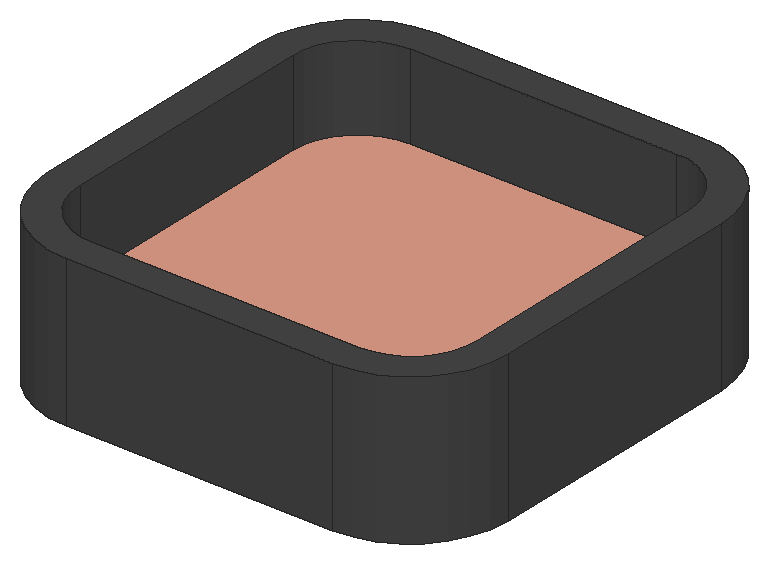
Revit family "VISS SQUARE LED LIGHT", category Lighting Fixtures, host Face, Revit 2020 (continued)
Types (65): name | Wattage Comments | Wattage | built-in parameter 1150134 | Surface Mount | Surface Acoustic Body | Photometric Web File | Order number | built-in parameter 1150142 | Model | built-in parameter 1150105 | Lumens | built-in parameter 1150107 | built-in parameter 1150106 | H1 | Fixture Width | Finish/Color | B2 | B1 | Apparent Load | Aircraft Cable Pendant Mount | Acoustic Body
  VSI-S-3624-40901-ACPMK-WH | "36 W" | 16.9649 W | 12 | no | no | "VSI-S-3624-40901.IES" | "17496" | "IESNA:LM-63-2002\r\n[TEST] \r\n[DATE] 2019-08-21\r\n[MANUFAC] Aboveall lighting\r\n[LUMCAT] \r\n[LUMINAIRE] VSI-S-3624-40901\r\n[LAMPCAT] \r\n[LAMP] SAMSUNG 2835 4000K\r\nTILT=NONE\r\n1 3104.55 1.0 91 13 1 2 0.6 0.6 0.088 \r\n1 1 35.03\r\n0. 1. 2. 3. 4. 5. 6. 7. 8. 9. 10. 11. 12. 13. 14. 15. 16. 17. 18. 19. 20. 21. 22. 23. 24. 25. 26. 27. 28. 29. 30. 31. 32. 33. 34. 35. 36. 37. 38. 39. 40. 41. 42. 43. 44. 45. 46. 47. 48. 49. 50. 51. 52. 53. 54. 55. 56. 57. 58. 59. 60. 61. 62. 63. 64. 65. 66. 67. 68. 69. 70. 71. 72. 73. 74. 75. 76. 77. 78. 79. 80. 81. 82. 83. 84. 85. 86. 87. 88. 89. 90. \r\n0. 30. 60. 90. 120. 150. 180. 210. 240. 270. 300. 330. 360. \r\n856.032 858.511 858.865 858.865 858.511 857.803 857.448 856.032 854.97 853.554 852.138 851.076 848.598 846.12 842.933 841.163 839.393 835.853 833.729 829.835 825.232 822.754 817.444 812.133 808.947 803.283 800.096 793.016 786.29 782.749 776.023 768.942 765.402 757.259 749.117 744.869 736.372 727.521 722.919 713.714 709.112 699.553 689.995 680.082 675.48 669.815 659.549 654.238 643.617 634.059 628.04 617.42 612.109 595.824 590.514 585.203 574.228 568.918 557.589 546.615 540.95 530.329 519.001 513.336 501.299 489.617 483.244 470.499 449.612 449.612 433.681 416.333 406.775 387.303 376.329 351.193 333.81 293.062 248.384 225.762 181.367 158.745 75.691 70.911 52.148 21.454 11.4 1.912 2.018 2.195 2.372 \r\n856.032 854.262 854.616 854.97 854.97 854.616 854.262 853.554 852.492 851.784 850.014 848.598 847.536 845.058 842.579 841.517 838.331 835.499 833.375 829.481 825.586 823.108 818.506 816.382 811.425 808.593 802.929 797.264 794.078 787.706 784.873 776.023 775.315 764.694 760.8 756.905 749.117 745.223 736.372 728.229 723.627 714.776 705.926 701.677 692.473 682.914 677.958 668.399 658.486 653.176 643.263 632.643 627.686 617.066 611.755 601.134 589.452 584.141 572.812 567.148 555.819 549.801 538.118 526.081 519.709 507.318 500.591 487.138 472.977 465.189 440.761 440.761 422.706 402.172 390.844 365.0 337.917 322.835 287.752 245.977 224.133 180.199 136.512 76.363 73.92 39.863 27.295 10.125 0.46 0.425 0.425 \r\n856.032 854.616 854.616 854.616 854.262 853.908 853.2 852.846 852.138 851.43 850.014 848.244 847.182 845.058 843.642 840.809 839.039 835.853 832.313 830.189 826.648 824.17 819.922 817.444 812.487 807.177 804.345 798.68 792.308 789.122 782.749 775.669 772.482 765.048 757.613 753.719 746.285 737.788 733.54 724.689 715.838 711.59 702.386 698.137 688.933 684.33 674.772 665.213 659.903 649.99 644.68 639.369 623.438 618.482 607.861 602.551 591.576 579.539 573.875 562.9 557.235 545.552 533.516 527.851 515.814 503.778 497.405 484.306 470.853 465.897 449.612 433.681 433.681 405.713 395.092 372.08 346.732 331.332 301.027 282.972 243.498 201.511 180.517 140.088 121.147 102.03 47.723 47.723 3.257 0.602 0.46 \r\n856.032 854.97 854.616 853.554 852.846 852.138 851.076 849.306 847.536 846.474 844.35 842.933 839.747 836.207 834.791 830.897 828.772 824.878 820.276 817.798 812.487 806.823 803.991 798.326 791.6 784.873 776.023 774.961 771.42 763.986 756.197 751.949 743.806 739.558 730.353 725.751 716.901 707.342 702.74 693.181 688.225 678.312 668.399 663.089 653.176 647.866 631.935 626.27 620.96 609.631 604.321 592.284 580.955 575.645 564.316 552.633 535.994 535.994 524.665 519.001 508.026 496.697 491.033 479.704 473.685 462.003 449.966 443.593 430.14 415.625 406.775 389.782 380.577 361.46 351.193 325.42 269.413 269.413 227.532 206.609 166.25 146.637 77.0 72.717 56.184 14.019 5.381 0.46 0.425 0.425 0.46 \r\n856.032 856.386 856.032 854.97 854.262 853.554 852.492 850.368 850.014 847.89 846.474 844.35 841.517 840.455 837.269 833.375 831.605 827.356 823.108 821.338 816.382 811.425 808.593 803.283 797.618 794.432 791.246 784.165 777.793 770.712 766.818 759.738 751.595 748.409 744.161 736.018 727.167 722.919 718.671 705.218 700.615 691.411 686.454 676.896 666.275 661.673 651.76 646.804 636.183 630.518 620.606 609.985 598.656 593.7 582.371 571.396 565.732 554.403 542.366 537.056 525.019 512.982 506.964 493.865 487.492 475.102 468.375 465.897 442.885 435.805 420.582 412.439 395.446 375.975 365.708 343.05 330.978 304.638 290.194 256.172 217.478 197.086 155.028 117.182 99.729 64.999 46.625 46.625 0.814 0.566 0.46 \r\n856.032 856.032 854.97 853.908 853.2 851.43 849.306 848.244 846.12 842.933 841.871 838.331 837.269 833.375 829.481 827.002 822.754 820.63 815.674 811.071 808.593 802.929 800.096 794.078 787.706 784.165 776.023 774.961 767.526 764.34 756.197 748.409 744.515 732.124 727.875 723.627 714.776 705.926 701.323 691.765 682.56 677.604 668.045 658.132 653.176 643.263 632.643 626.978 616.357 610.693 600.072 589.098 583.433 572.812 567.148 555.819 550.155 538.826 533.162 521.479 509.796 503.778 491.741 485.368 472.977 459.878 452.09 438.283 423.414 407.837 399.694 381.639 361.814 351.228 328.11 315.507 287.645 253.34 234.223 194.678 175.065 136.547 117.926 76.257 46.448 30.977 7.753 0.46 0.425 0.425 0.46 \r\n856.032 858.157 857.448 856.74 856.032 854.616 853.908 852.846 850.722 849.66 846.828 845.766 842.933 839.747 837.977 834.437 832.667 828.772 824.524 822.046 817.09 814.611 808.947 803.283 800.45 794.078 790.892 784.165 780.625 773.545 766.11 761.862 753.719 749.471 741.328 732.832 728.229 719.379 709.82 700.615 695.305 686.1 676.188 671.231 660.965 655.654 645.033 634.413 629.102 617.774 612.109 601.134 590.16 584.495 573.166 567.856 556.881 550.863 539.888 528.205 522.895 511.566 505.548 493.865 482.536 476.872 466.251 454.568 448.55 436.513 423.768 417.041 403.234 387.657 379.515 362.168 362.168 333.775 322.694 307.081 252.243 212.203 192.059 153.116 135.061 116.439 58.343 47.864 9.205 0.566 0.46 \r\n856.032 853.2 852.846 851.784 850.368 850.014 848.244 847.182 845.058 842.933 841.871 839.393 837.623 834.437 830.897 829.126 825.586 823.108 821.338 814.257 811.425 806.469 801.158 798.326 792.662 789.476 783.103 776.731 770.004 766.464 759.03 755.489 747.701 740.266 736.018 727.875 723.273 715.13 705.572 700.969 692.473 687.871 678.312 668.753 663.797 653.884 648.928 638.661 633.705 623.792 613.171 607.861 596.886 586.265 581.309 570.334 558.297 552.633 541.304 529.267 523.603 511.92 499.883 493.511 480.766 475.102 465.897 449.966 442.531 428.016 420.228 403.588 385.533 375.975 354.025 342.979 319.189 306.125 277.237 241.339 222.115 182.394 162.639 124.758 89.25 71.867 47.581 14.657 2.124 2.053 2.053 \r\n856.032 853.554 852.846 852.138 851.43 850.014 849.306 847.182 845.412 843.996 841.871 839.747 837.269 834.437 832.313 828.772 827.002 822.4 820.276 815.674 811.071 808.239 802.929 800.096 794.432 788.06 784.873 776.377 776.023 768.942 761.862 757.967 750.179 742.744 734.602 730.353 721.149 716.901 708.404 698.845 694.243 684.684 674.772 669.815 659.549 654.592 644.325 639.015 628.394 617.774 612.109 601.134 595.824 584.849 572.812 567.502 556.527 551.217 534.224 534.224 522.895 511.566 505.548 493.511 480.766 474.393 460.941 446.426 438.637 422.706 404.651 394.738 372.434 350.06 337.315 310.586 296.213 263.607 224.947 204.839 165.046 145.681 76.611 72.611 56.184 29.242 18.338 2.691 1.77 1.912 2.053 \r\n856.032 855.324 855.324 855.324 854.97 854.616 853.554 853.554 852.138 850.722 849.66 847.89 846.12 844.704 842.579 839.747 837.623 834.083 830.543 828.418 824.17 821.692 816.736 813.903 808.593 802.929 800.096 793.37 790.184 783.811 776.731 773.545 765.756 761.508 753.719 745.577 741.328 732.478 727.875 719.025 709.112 704.51 694.597 683.622 678.666 668.399 657.424 652.468 641.493 630.872 625.208 614.233 608.569 597.948 586.619 581.309 571.042 565.378 554.403 543.782 537.41 531.746 521.125 509.796 498.821 493.511 482.182 476.164 465.897 465.897 446.426 432.264 424.476 408.191 390.49 380.931 359.689 333.067 316.392 277.449 232.807 211.636 170.463 131.202 112.226 76.611 76.611 48.324 9.346 1.912 2.018 \r\n856.032 856.386 856.74 856.74 856.74 856.032 855.324 854.97 853.908 852.492 851.784 849.66 847.536 846.12 843.642 840.455 839.039 835.853 831.959 829.835 825.586 820.984 818.86 813.549 810.717 805.407 802.575 796.556 790.538 787.352 776.023 773.899 770.358 763.278 759.738 751.595 747.347 739.558 735.31 726.813 717.609 713.36 704.156 694.243 689.641 679.728 669.815 664.505 653.884 643.617 637.599 626.624 615.649 610.339 599.01 588.035 582.725 571.75 566.086 554.757 549.093 537.764 525.727 519.709 506.964 500.591 487.138 480.058 464.481 448.196 439.345 420.582 410.315 388.719 364.646 337.775 323.402 292.283 253.765 233.019 190.713 169.755 129.679 75.62 73.389 42.341 19.082 11.541 1.841 1.947 2.018 \r\n856.032 857.095 857.448 857.803 858.157 857.803 857.803 857.448 857.095 856.032 856.032 853.554 851.784 851.784 848.952 847.89 845.058 842.225 840.809 837.269 835.499 831.605 829.835 825.232 820.63 818.152 812.841 807.531 804.345 798.68 792.308 789.122 782.395 775.315 771.774 764.694 756.905 753.011 744.869 740.974 732.478 723.981 719.733 710.882 706.28 696.721 687.162 682.206 672.647 667.691 662.735 652.468 642.201 636.891 626.624 616.357 610.693 600.072 588.39 583.079 571.396 559.714 553.695 542.012 528.913 523.603 509.796 496.343 489.617 475.102 466.251 466.251 434.035 424.476 403.942 380.931 368.54 341.988 327.438 294.195 274.688 232.24 188.695 167.064 124.511 101.57 64.645 47.793 7.328 2.053 2.372 \r\n856.032 858.511 858.865 858.865 858.511 857.803 857.448 856.032 854.97 853.554 852.138 851.076 848.598 846.12 842.933 841.163 839.393 835.853 833.729 829.835 825.232 822.754 817.444 812.133 808.947 803.283 800.096 793.016 786.29 782.749 776.023 768.942 765.402 757.259 749.117 744.869 736.372 727.521 722.919 713.714 709.112 699.553 689.995 680.082 675.48 669.815 659.549 654.238 643.617 634.059 628.04 617.42 612.109 595.824 590.514 585.203 574.228 568.918 557.589 546.615 540.95 530.329 519.001 513.336 501.299 489.617 483.244 470.499 449.612 449.612 433.681 416.333 406.775 387.303 376.329 351.193 333.81 293.062 248.384 225.762 181.367 158.745 75.691 70.911 52.148 21.454 11.4 1.912 2.018 2.195 2.372 \r\n" | "VSI-S-3624-40901-ACPMK-WH" | 200.54 (stored number, unit not read) | 2520 lm | 4000 (stored number, unit not read) | 2.0054 (stored number, unit not read) | 4' - 11.51346" | 1' - 11 77/128" | White | 0' - 7 205/256" | 0' - 11 77/256" | 31.25 VA | yes | no
  VSI-S-5032-40901-ACPMK-WH | "50 W" | 23.5624 W | 12 | no | no | "VSI-S-5032-40901.IES" | "17497" | "IESNA:LM-63-2002\r\n[TEST] \r\n[DATE] 2019-08-21\r\n[MANUFAC] Aboveall lighting\r\n[LUMCAT] \r\n[LUMINAIRE] VSI-S-5032-40901\r\n[LAMPCAT] \r\n[LAMP] SAMSUNG 2835 4000K\r\nTILT=NONE\r\n1 4307.5 1.35 91 13 1 2 0.8 0.8 0.088 \r\n1 1 52.5\r\n0. 1. 2. 3. 4. 5. 6. 7. 8. 9. 10. 11. 12. 13. 14. 15. 16. 17. 18. 19. 20. 21. 22. 23. 24. 25. 26. 27. 28. 29. 30. 31. 32. 33. 34. 35. 36. 37. 38. 39. 40. 41. 42. 43. 44. 45. 46. 47. 48. 49. 50. 51. 52. 53. 54. 55. 56. 57. 58. 59. 60. 61. 62. 63. 64. 65. 66. 67. 68. 69. 70. 71. 72. 73. 74. 75. 76. 77. 78. 79. 80. 81. 82. 83. 84. 85. 86. 87. 88. 89. 90. \r\n0. 30. 60. 90. 120. 150. 180. 210. 240. 270. 300. 330. 360. \r\n856.032 858.511 858.865 858.865 858.511 857.803 857.448 856.032 854.97 853.554 852.138 851.076 848.598 846.12 842.933 841.163 839.393 835.853 833.729 829.835 825.232 822.754 817.444 812.133 808.947 803.283 800.096 793.016 786.29 782.749 776.023 768.942 765.402 757.259 749.117 744.869 736.372 727.521 722.919 713.714 709.112 699.553 689.995 680.082 675.48 669.815 659.549 654.238 643.617 634.059 628.04 617.42 612.109 595.824 590.514 585.203 574.228 568.918 557.589 546.615 540.95 530.329 519.001 513.336 501.299 489.617 483.244 470.499 449.612 449.612 433.681 416.333 406.775 387.303 376.329 351.193 333.81 293.062 248.384 225.762 181.367 158.745 75.691 70.911 52.148 21.454 11.4 1.912 2.018 2.195 2.372 \r\n856.032 854.262 854.616 854.97 854.97 854.616 854.262 853.554 852.492 851.784 850.014 848.598 847.536 845.058 842.579 841.517 838.331 835.499 833.375 829.481 825.586 823.108 818.506 816.382 811.425 808.593 802.929 797.264 794.078 787.706 784.873 776.023 775.315 764.694 760.8 756.905 749.117 745.223 736.372 728.229 723.627 714.776 705.926 701.677 692.473 682.914 677.958 668.399 658.486 653.176 643.263 632.643 627.686 617.066 611.755 601.134 589.452 584.141 572.812 567.148 555.819 549.801 538.118 526.081 519.709 507.318 500.591 487.138 472.977 465.189 440.761 440.761 422.706 402.172 390.844 365.0 337.917 322.835 287.752 245.977 224.133 180.199 136.512 76.363 73.92 39.863 27.295 10.125 0.46 0.425 0.425 \r\n856.032 854.616 854.616 854.616 854.262 853.908 853.2 852.846 852.138 851.43 850.014 848.244 847.182 845.058 843.642 840.809 839.039 835.853 832.313 830.189 826.648 824.17 819.922 817.444 812.487 807.177 804.345 798.68 792.308 789.122 782.749 775.669 772.482 765.048 757.613 753.719 746.285 737.788 733.54 724.689 715.838 711.59 702.386 698.137 688.933 684.33 674.772 665.213 659.903 649.99 644.68 639.369 623.438 618.482 607.861 602.551 591.576 579.539 573.875 562.9 557.235 545.552 533.516 527.851 515.814 503.778 497.405 484.306 470.853 465.897 449.612 433.681 433.681 405.713 395.092 372.08 346.732 331.332 301.027 282.972 243.498 201.511 180.517 140.088 121.147 102.03 47.723 47.723 3.257 0.602 0.46 \r\n856.032 854.97 854.616 853.554 852.846 852.138 851.076 849.306 847.536 846.474 844.35 842.933 839.747 836.207 834.791 830.897 828.772 824.878 820.276 817.798 812.487 806.823 803.991 798.326 791.6 784.873 776.023 774.961 771.42 763.986 756.197 751.949 743.806 739.558 730.353 725.751 716.901 707.342 702.74 693.181 688.225 678.312 668.399 663.089 653.176 647.866 631.935 626.27 620.96 609.631 604.321 592.284 580.955 575.645 564.316 552.633 535.994 535.994 524.665 519.001 508.026 496.697 491.033 479.704 473.685 462.003 449.966 443.593 430.14 415.625 406.775 389.782 380.577 361.46 351.193 325.42 269.413 269.413 227.532 206.609 166.25 146.637 77.0 72.717 56.184 14.019 5.381 0.46 0.425 0.425 0.46 \r\n856.032 856.386 856.032 854.97 854.262 853.554 852.492 850.368 850.014 847.89 846.474 844.35 841.517 840.455 837.269 833.375 831.605 827.356 823.108 821.338 816.382 811.425 808.593 803.283 797.618 794.432 791.246 784.165 777.793 770.712 766.818 759.738 751.595 748.409 744.161 736.018 727.167 722.919 718.671 705.218 700.615 691.411 686.454 676.896 666.275 661.673 651.76 646.804 636.183 630.518 620.606 609.985 598.656 593.7 582.371 571.396 565.732 554.403 542.366 537.056 525.019 512.982 506.964 493.865 487.492 475.102 468.375 465.897 442.885 435.805 420.582 412.439 395.446 375.975 365.708 343.05 330.978 304.638 290.194 256.172 217.478 197.086 155.028 117.182 99.729 64.999 46.625 46.625 0.814 0.566 0.46 \r\n856.032 856.032 854.97 853.908 853.2 851.43 849.306 848.244 846.12 842.933 841.871 838.331 837.269 833.375 829.481 827.002 822.754 820.63 815.674 811.071 808.593 802.929 800.096 794.078 787.706 784.165 776.023 774.961 767.526 764.34 756.197 748.409 744.515 732.124 727.875 723.627 714.776 705.926 701.323 691.765 682.56 677.604 668.045 658.132 653.176 643.263 632.643 626.978 616.357 610.693 600.072 589.098 583.433 572.812 567.148 555.819 550.155 538.826 533.162 521.479 509.796 503.778 491.741 485.368 472.977 459.878 452.09 438.283 423.414 407.837 399.694 381.639 361.814 351.228 328.11 315.507 287.645 253.34 234.223 194.678 175.065 136.547 117.926 76.257 46.448 30.977 7.753 0.46 0.425 0.425 0.46 \r\n856.032 858.157 857.448 856.74 856.032 854.616 853.908 852.846 850.722 849.66 846.828 845.766 842.933 839.747 837.977 834.437 832.667 828.772 824.524 822.046 817.09 814.611 808.947 803.283 800.45 794.078 790.892 784.165 780.625 773.545 766.11 761.862 753.719 749.471 741.328 732.832 728.229 719.379 709.82 700.615 695.305 686.1 676.188 671.231 660.965 655.654 645.033 634.413 629.102 617.774 612.109 601.134 590.16 584.495 573.166 567.856 556.881 550.863 539.888 528.205 522.895 511.566 505.548 493.865 482.536 476.872 466.251 454.568 448.55 436.513 423.768 417.041 403.234 387.657 379.515 362.168 362.168 333.775 322.694 307.081 252.243 212.203 192.059 153.116 135.061 116.439 58.343 47.864 9.205 0.566 0.46 \r\n856.032 853.2 852.846 851.784 850.368 850.014 848.244 847.182 845.058 842.933 841.871 839.393 837.623 834.437 830.897 829.126 825.586 823.108 821.338 814.257 811.425 806.469 801.158 798.326 792.662 789.476 783.103 776.731 770.004 766.464 759.03 755.489 747.701 740.266 736.018 727.875 723.273 715.13 705.572 700.969 692.473 687.871 678.312 668.753 663.797 653.884 648.928 638.661 633.705 623.792 613.171 607.861 596.886 586.265 581.309 570.334 558.297 552.633 541.304 529.267 523.603 511.92 499.883 493.511 480.766 475.102 465.897 449.966 442.531 428.016 420.228 403.588 385.533 375.975 354.025 342.979 319.189 306.125 277.237 241.339 222.115 182.394 162.639 124.758 89.25 71.867 47.581 14.657 2.124 2.053 2.053 \r\n856.032 853.554 852.846 852.138 851.43 850.014 849.306 847.182 845.412 843.996 841.871 839.747 837.269 834.437 832.313 828.772 827.002 822.4 820.276 815.674 811.071 808.239 802.929 800.096 794.432 788.06 784.873 776.377 776.023 768.942 761.862 757.967 750.179 742.744 734.602 730.353 721.149 716.901 708.404 698.845 694.243 684.684 674.772 669.815 659.549 654.592 644.325 639.015 628.394 617.774 612.109 601.134 595.824 584.849 572.812 567.502 556.527 551.217 534.224 534.224 522.895 511.566 505.548 493.511 480.766 474.393 460.941 446.426 438.637 422.706 404.651 394.738 372.434 350.06 337.315 310.586 296.213 263.607 224.947 204.839 165.046 145.681 76.611 72.611 56.184 29.242 18.338 2.691 1.77 1.912 2.053 \r\n856.032 855.324 855.324 855.324 854.97 854.616 853.554 853.554 852.138 850.722 849.66 847.89 846.12 844.704 842.579 839.747 837.623 834.083 830.543 828.418 824.17 821.692 816.736 813.903 808.593 802.929 800.096 793.37 790.184 783.811 776.731 773.545 765.756 761.508 753.719 745.577 741.328 732.478 727.875 719.025 709.112 704.51 694.597 683.622 678.666 668.399 657.424 652.468 641.493 630.872 625.208 614.233 608.569 597.948 586.619 581.309 571.042 565.378 554.403 543.782 537.41 531.746 521.125 509.796 498.821 493.511 482.182 476.164 465.897 465.897 446.426 432.264 424.476 408.191 390.49 380.931 359.689 333.067 316.392 277.449 232.807 211.636 170.463 131.202 112.226 76.611 76.611 48.324 9.346 1.912 2.018 \r\n856.032 856.386 856.74 856.74 856.74 856.032 855.324 854.97 853.908 852.492 851.784 849.66 847.536 846.12 843.642 840.455 839.039 835.853 831.959 829.835 825.586 820.984 818.86 813.549 810.717 805.407 802.575 796.556 790.538 787.352 776.023 773.899 770.358 763.278 759.738 751.595 747.347 739.558 735.31 726.813 717.609 713.36 704.156 694.243 689.641 679.728 669.815 664.505 653.884 643.617 637.599 626.624 615.649 610.339 599.01 588.035 582.725 571.75 566.086 554.757 549.093 537.764 525.727 519.709 506.964 500.591 487.138 480.058 464.481 448.196 439.345 420.582 410.315 388.719 364.646 337.775 323.402 292.283 253.765 233.019 190.713 169.755 129.679 75.62 73.389 42.341 19.082 11.541 1.841 1.947 2.018 \r\n856.032 857.095 857.448 857.803 858.157 857.803 857.803 857.448 857.095 856.032 856.032 853.554 851.784 851.784 848.952 847.89 845.058 842.225 840.809 837.269 835.499 831.605 829.835 825.232 820.63 818.152 812.841 807.531 804.345 798.68 792.308 789.122 782.395 775.315 771.774 764.694 756.905 753.011 744.869 740.974 732.478 723.981 719.733 710.882 706.28 696.721 687.162 682.206 672.647 667.691 662.735 652.468 642.201 636.891 626.624 616.357 610.693 600.072 588.39 583.079 571.396 559.714 553.695 542.012 528.913 523.603 509.796 496.343 489.617 475.102 466.251 466.251 434.035 424.476 403.942 380.931 368.54 341.988 327.438 294.195 274.688 232.24 188.695 167.064 124.511 101.57 64.645 47.793 7.328 2.053 2.372 \r\n856.032 858.511 858.865 858.865 858.511 857.803 857.448 856.032 854.97 853.554 852.138 851.076 848.598 846.12 842.933 841.163 839.393 835.853 833.729 829.835 825.232 822.754 817.444 812.133 808.947 803.283 800.096 793.016 786.29 782.749 776.023 768.942 765.402 757.259 749.117 744.869 736.372 727.521 722.919 713.714 709.112 699.553 689.995 680.082 675.48 669.815 659.549 654.238 643.617 634.059 628.04 617.42 612.109 595.824 590.514 585.203 574.228 568.918 557.589 546.615 540.95 530.329 519.001 513.336 501.299 489.617 483.244 470.499 449.612 449.612 433.681 416.333 406.775 387.303 376.329 351.193 333.81 293.062 248.384 225.762 181.367 158.745 75.691 70.911 52.148 21.454 11.4 1.912 2.018 2.195 2.372 \r\n" | "VSI-S-5032-40901-ACPMK-WH" | 278.52 (stored number, unit not read) | 3500 lm | 4000 (stored number, unit not read) | 2.7852 (stored number, unit not read) | 5' - 0.15864" | 2' - 7 1/2" | White | 0' - 11 3/4" | 1' - 3 1/4" | 62.5 VA | yes | no
  VSI-S-1514-40901-ACPMK-BK | "15 W" | 7.06871 W | 12 | no | no | "generic" | "17498" | (empty or 0) | "VSI-S-1514-40901-ACPMK-BK" | 83.556 (stored number, unit not read) | 1050 lm | 4000 (stored number, unit not read) | 0.83556 (stored number, unit not read) | 4' - 11.08136" | 1' - 2 51/256" | Black | 0' - 3.09961" | 0' - 6.59961" | 18.75 VA | yes | no
  VSI-S-2518-40901-ACPMK-BK | "25 W" | 11.7812 W | 12 | no | no | "generic" | "17499" | (empty or 0) | "VSI-S-2518-40901-ACPMK-BK" | 139.26 (stored number, unit not read) | 1750 lm | 4000 (stored number, unit not read) | 1.3926 (stored number, unit not read) | 4' - 11.19898" | 1' - 5 179/256" | Black | 0' - 4.84961" | 0' - 8.34961" | 31.25 VA | yes | no
